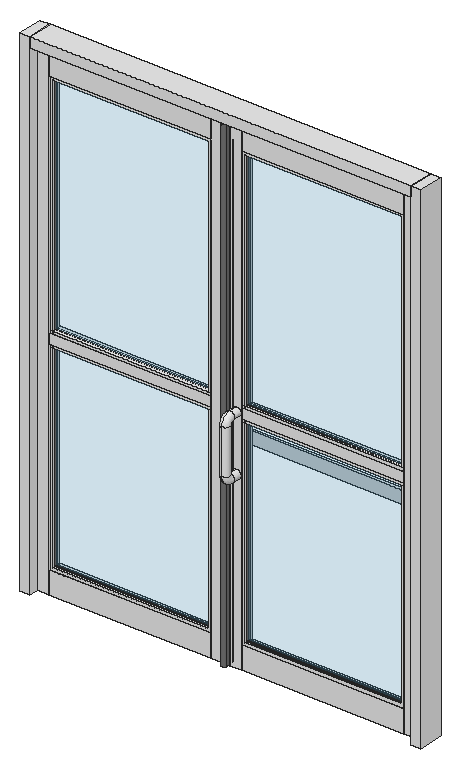
Revit family "Door_Fold_AssaAbloy_ICU-Fold-Single", category Doors, host Wall, Revit 2026
Family settings
  Host = Wall
  Classification Number = 23.30.10.17.17
  Always vertical = Yes
  Cut with Voids When Loaded = No
  Shared = No
  Room Calculation Point = No
Parameters (values of type "68in Opening")
  panelpartialB = (Panel Width - 0' 1 1/4") / 2  # 2' - 9 11/32"
  panelpartialAEqualize = (panelpartialA + 0' 2 1/2") / 2  # 1' - 4 39/64"
  panelpartialA = (Panel Width - 0' 1 1/4") / 2 - 0' 2 5/8"  # 2' - 6 23/32"
  panelA = panelpartialA + 0' 2 1/2"  # 2' - 9 7/32"
  muntinheightcontrol = 3' 5 1/2" - 0' 0 5/16"  # 3' - 5 3/16"
  hingeheightcontrol = Panel Height - 0' 3"  # 7' - 0 3/8"
  handlecl = Handle CL Elevation - 0' 0 5/16"  # 3' - 5 3/16"
  Weatherstripping Color [instance] = Plastic - Besam - Black
  Type Comments = ""
  Stile Width [instance] = if(Medium Stile, 0' 4", 0' 2 1/8")  # 0' - 2 1/8"
  Standards Conformance = "as Specified"
  Sound Transmission Class (STC) = 0
  Show Door Open [instance] = no
  RotatePivot [instance] = if(Show Door Open, 94.00°, 0.00°)  # 0.00°
  RotateHinge [instance] = if(Show Door Open, 178.00°, 0.00°)  # 0.00°
  Rail Height_Base [instance] = 0' - 4"
  RO Offset = 0' - 0 1/4"
  Panel Thickness = 0' - 1 3/4"  # constant formula
  Panel Height = if(1 = 1, Height - 0' 1 3/4" - 0' 0 5/8", 0' 0")  # 7' - 3 3/8"
  Optional Narrow Jamb = no
  Operation = ""
  Narrow Stile = yes
  Muntins [instance] = yes
  Muntin Width [instance] = 0' - 1 3/4"
  Medium Stile = not(Narrow Stile)  # no
  Locate Interior Side of Frame [instance] = 0' - 6 3/4"
  Hardware Finish [instance] = Metal - Aluminum - Besam - Anodized - Clear
  Handle CL Elevation = 3' - 5 1/2"
  Finger Catch Color [instance] = Plastic - Besam - Black
  Glazing Tint [instance] = Glass
  Function = Interior
  Jamb Width = if(Optional Narrow Jamb, 0' 1", 0' 1 3/4")  # 0' - 1 3/4"
  Frame Finish [instance] = Metal - Aluminum - Besam - Anodized - Clear
  Frame Depth = 0' - 4 1/2"
  Door Glazing Option = GlassOptions_VersaMax : Standard Package
  Cost = 0
  Construction Type = ""
  Clear Opening Width = 5' - 2 3/16"
  Clear Opening Height = Height - 0' 2 3/8"  # 7' - 3 3/8"
  Panel Width = Width - 0' 0 3/8" - (Jamb Width * 2)  # 5' - 7 15/16"
  Warranty Duration (Years) = 0
  URL = "http://www.besam-usa.com/en/besam/us/"
  Thickness = 0' - 0"  # constant formula
  Test Data = ""
  Specification = "http://www.arcat.com/sd/clients/besamaut.html?coid=30906"
  SpecWizard = "http://www.arcat.com/specwizard/clients/besamaut.html?coid=30906"
  Send Message = "http://www.arcat.com/users.pl?action=UserEmail&company=Besam%20Entrance%20Solutions&coid=30906&rep=141&fax=704-290-5555&mf="
  Sales Information = "http://www.besam-usa.com/en/besam/us/About-us/Contact-Us/"
  Rough Width = (Width + (RO Offset * 2))  # 6' - 0 5/16"
  Rough Height = (Height + (RO Offset))  # 7' - 6"
  Product Properties = "http://www.besam-usa.com/en/besam/us/Products/"
  Product Data = "http://www.arcat.com/arcatcos/cos30/arc30906.html"
  Manufacturer Website = "http://www.besam-usa.com/en/besam/us/"
  Manufacturer Phone - Toll Free = "877-SPEC-123"
  Manufacturer Fax = "704-290-5555"
  Manufacturer Address = "1900 Airport Rd., Monroe, NC 28110"
  Maintenance Schedule (Months) = 0
  Installation-Fabrication = "http://www.besam-usa.com/en/besam/us/Downloads/"
  Installation Phase = ""
  Green Building-LEED = "http://www.arcat.com/green/clients/leed_data_30906.html"
  Model = "Besam VersaMax 2.0 VMF2-6"
  Manufacturer = "ASSA ABLOY Entrance Systems"
  Keynote = "08000"
  Height = 7' - 5 3/4"
  Wall Closure = By host
  Width = 5' - 11 13/16"
  Fire Rating = "As Specified"
  Expected Lifespan (Years) = 0
  Drawn By = "Sumex Design, Inc. / Robert S. Weygant, CSI, CDT, SCIP"
  Description = "ASSA ABLOY ICU/CCU Single Fold Door  - Besam VersaMax 2.0 VMF2-6 as Specified"
  Copyright = "©Arcat Inc."
  Construction Details = "http://www.arcat.com/details/besamaut/besamaut.html?coid=30906"
  Building Codes = ""
  Breakout Width = 5' - 3 9/16"
  Available Options = ""
  Assembly Code = "B2030110"
Reference planes (in)
  plane 1 "Center (Front/Back)": y = -33.96225
  plane 2 "Center (Left/Right)": x = 64.28704
  plane 3: z = 0
  plane 4 "Right": x = 100.19329
  plane 5 "Left": x = 28.38079
  plane 6 "Closure": y = -35.96225
  plane 7: z = 0
  plane 8 "Top of Frame": z = 89.75
  plane 9 "RO Top": z = 90
  plane 10 "RO Right": x = 100.44329
  plane 11 "RO Left": x = 28.13079
  plane 12: x = 98.44329
  plane 13: x = 30.13079
  plane 14: z = 88
  plane 15: y = -34.64975
  plane 16: y = -34.52475
  plane 17: y = -34.77475
  plane 18: x = 64.28704
  plane 19: z = 87.375
  plane 20: x = 92.31829
  plane 21: x = 32.88079
  plane 22: y = -33.96225
  plane 23: y = -42.96225
  plane 24: y = -36.21225
  plane 25: y = -31.71225
Forms (in)
  Sweep 1, solid, material "Metal - Aluminum - Besam - Anodized - Clear" <- "Frame Finish"
    path origin (0, -33.96225, 0) x (1, 0, 0) y (0, 0, 1)
      loop
        line (28.38079, 0) -> (28.38079, 89.75)
    profile origin (28.38079, -33.96225, 44.875) x (-1, 0, 0) y (0, -1, 0)
      loop
        line (0, -2.25) -> (0, 2.25) -> (-1.75, 2.25) -> (-1.75, -2.25) -> (0, -2.25)
  Sweep 2, solid, material "Metal - Aluminum - Besam - Anodized - Clear" <- "Frame Finish"
    path origin (128.57407, -33.96225, 0) x (-1, 0, 0) y (0, 0, -1)
      loop
        line (-8.36921, 0) -> (-8.36921, -89.75)
    profile origin (136.94329, -33.96225, 44.875) x (-1, 0, 0) y (0, -1, 0)
      loop
        line (36.75, -2.25) -> (38.5, -2.25) -> (38.5, 2.25) -> (36.75, 2.25) -> (36.75, -2.25)
  Sweep 3, solid, material "Metal - Aluminum - Besam - Anodized - Clear" <- "Frame Finish"
    path origin (0, 0, 0) x (1, 0, 0) y (0, 1, 0)
      loop
        line (30.13079, -33.96225) -> (98.44329, -33.96225)
    profile origin (64.28704, -33.96225, 0) x (0, 1, 0) y (0, 0, 1)
      loop
        line (-2.25, 89.75) -> (-2.25, 88) -> (2.25, 88) -> (2.25, 89.75) -> (-2.25, 89.75)
  Extrusion 4, solid, material "Metal - Aluminum - Besam - Anodized - Clear" <- "Frame Finish"
    sketch origin (64.28704, 0, 0) x (0, 1, 0) y (0, 0, 1)
      loop
        line (-32.77475, 87.375) -> (-32.77475, 88) -> (-35.14975, 88) -> (-35.14975, 87.375) -> (-32.77475, 87.375)
    from -34.15625 to 34.15625
  Extrusion 5, solid, material "Plastic - Besam - Black" <- "Weatherstripping Color"
    sketch origin (32.88079, -33.96225, 0) x (1, 0, 0) y (0, 1, 0)
      loop
        line (30.71875, -0.96875) -> (31.09375, -0.96875)
        arc (31.09375, -0.96875) -> (31.84375, -0.21875) -> (31.09375, 0.53125) r 0.75
        line (31.09375, 0.53125) -> (31.09375, 0.96875) -> (30.71875, 0.96875) -> (30.71875, -0.96875)
    from 0.3125 to 87.375
  Extrusion 6, solid, material "Metal - Aluminum - Besam - Anodized - Clear" <- "Frame Finish"
    sketch origin (32.88079, -33.96225, 0) x (1, 0, 0) y (0, 1, 0)
      loop
        arc (31.34375, 0.75) -> (31.6973, 1.60355) -> (30.84375, 1.25) r 0.5
        line (30.84375, 1.25) -> (30.84375, 0) -> (31.34375, 0) -> (31.34375, 0.75)
    from 84.375 <- "hingeheightcontrol" to 87.375 <- "Panel Height"
  Extrusion 7, solid, material "Metal - Aluminum - Besam - Anodized - Clear" <- "Frame Finish"
    sketch origin (64.22454, -32.71225, 0) x (1, 0, 0) y (0, 1, 0)
      loop
        line (0, -0.5) -> (0, -1.25) -> (0.5, -1.25) -> (0.5, 0)
        arc (0.5, 0) -> (-0.35355, 0.35355) -> (0, -0.5) r 0.5
    from 84.375 <- "hingeheightcontrol" to 87.375 <- "Panel Height"
  Extrusion 8, solid, material "Plastic - Besam - Black" <- "Weatherstripping Color"
    sketch origin (64.84954, -33.96225, 0) x (1, 0, 0) y (0, 1, 0)
      loop
        arc (-0.625, -0.75) -> (-0.97855, -1.60355) -> (-0.125, -1.25) r 0.5
        line (-0.125, -1.25) -> (-0.125, -0.875) -> (0, -0.875) -> (0, 0.875) -> (-0.125, 0.875) -> (-0.125, 0) -> (-0.625, 0) -> (-0.625, -0.75)
    from 0.3125 to 87.375 <- "Panel Height"
Lines and regions (in)
  Opening 1
    outline origin (-109.33485, -35.96225, 0) x (1, 0, 0) y (0, 0, 1)
      loop
        line (137.46564, 0) -> (209.77814, 0) -> (209.77814, 90) -> (137.46564, 90) -> (137.46564, 0)
  reference lines
    curve 1: line (32.88079, -33.96225, 0) -> (63.59954, -33.96225, 0)
    curve 2: line (64.84954, -33.96225, 0) -> (98.19329, -33.96225, 0)
    curve 3: line (64.22454, -30.17906, 0) -> (64.22454, -37.67906, 0)
    curve 4: line (62.23652, -32.71225, 0) -> (67.23652, -32.71225, 0)
    curve 5: line (64.22454, -32.71225, 0) -> (71.97454, -32.71225, 0)
    curve 6: line (46.99016, -32.20853, 0) -> (46.99016, -36.20853, 0)
    curve 7: line (81.52141, -32.20853, 0) -> (81.52141, -36.20853, 0)
Text (in)
  text "Exterior" at (48.04558, 2.31104, 0), in view "Plan"
  text "Interior" at (48.04558, -50.14366, 0), in view "Plan"
  text "Exterior" at (0, -17.98638, 123.01588), in view "Right"
  text "Interior" at (0, -64.39139, 123.01588), in view "Right"
  text "Interior" at (0, -52.09468, 121.14095), in view "Left"
  text "Exterior" at (0, 26.35325, 123.00693), in view "Left"
Dimensions and locks (in)
  equal spacing: plane 4 "Right", plane 2 "Center (Left/Right)", plane 5 "Left"
  "Width": plane 5 "Left" to plane 4 "Right"
  "Height": level to plane 8 "Top of Frame"
  "RO Offset": plane 5 "Left" to plane 11 "RO Left"
  "RO Offset": plane 10 "RO Right" to plane 4 "Right"
  "Jamb Width": plane 5 "Left" to plane 13
  "Jamb Width": plane 4 "Right" to plane 12
  locked: plane 14 to plane 8 "Top of Frame" at 1.75
  "RO Offset": plane 8 "Top of Frame" to plane 9 "RO Top"
  equal spacing: plane 16, plane 15, plane 17
  locked: plane 16 to plane 17 at 0.25
  locked: plane 19 to plane 14 at 0.625
  locked: plane 8 "Top of Frame" to Sweep 3 sketch curve at 1.75
  Extrusion 4 sketch curve to Extrusion 4 sketch curve = 0' - 2 3/8"
  equal spacing: plane 13, plane 18, plane 12
  "Clear Opening Width": plane 13 to plane 20
  locked: curve 1 to curve 3 at 0.625
  locked: curve 1 to curve 4 at 1.25
  locked: curve 3 to curve 2 at 0.625
  locked: curve 2 to curve 5 at 1.25
  equal spacing: curve 2, curve 7, curve 2
  locked: plane 13 to plane 21 at 2.75
  equal spacing: plane 24, plane 22, plane 25
  "Frame Depth": plane 24 to plane 25
  locked: plane 23 to plane 6 "Closure" at 7
  "Locate Interior Side of Frame": plane 23 to plane 24
  "panelpartialA": curve 1 to curve 1
  "panelpartialAEqualize": curve 6 to curve 1
  "panelpartialB": curve 2 to curve 2
  "RotatePivot": angle curve 1 to plane 22
  "RotateHinge": angle curve 4 to curve 5
  aligned and locked: host wall to plane 1 "Center (Front/Back)"
  aligned and locked: plane 6 "Closure" to host wall
  aligned and locked: Opening 1 sketch curve to level
  aligned and locked: plane 10 "RO Right" to Opening 1 sketch curve
  aligned and locked: Opening 1 sketch curve to plane 9 "RO Top"
  aligned and locked: plane 11 "RO Left" to Opening 1 sketch curve
  aligned and locked: plane 8 "Top of Frame" to Sweep 1 sketch curve
  aligned and locked: Sweep 1 sketch curve to plane 5 "Left"
  aligned and locked: Sweep 1 sketch curve to plane 13
  aligned and locked: Sweep 2 sketch curve to plane 12
  aligned and locked: plane 12 to Sweep 3 sketch curve
  aligned and locked: plane 13 to Sweep 3 sketch curve
  aligned and locked: plane 8 "Top of Frame" to Sweep 3 sketch curve
  aligned and locked: plane 14 to Extrusion 4 sketch curve
  aligned and locked: plane 19 to Extrusion 4 sketch curve
  aligned and locked: plane 12 to Extrusion 4
  aligned and locked: Extrusion 4 to plane 13
  aligned and locked: Sweep 2 sketch curve to plane 4 "Right"
  aligned and locked: curve 3 to curve 5
  aligned and locked: curve 4 to curve 5
  aligned and locked: plane 21 to curve 1
  aligned and locked: plane 22 to curve 1
  aligned and locked: curve 7 to nested 2
  aligned and locked: curve 6 to nested 1
  aligned and locked: plane 19 to Extrusion 5
  aligned and locked: Sweep 2 sketch curve to plane 25
  aligned and locked: plane 24 to Sweep 2 sketch curve
  aligned and locked: Sweep 1 sketch curve to plane 25
  aligned and locked: plane 24 to Sweep 1 sketch curve
  aligned and locked: plane 24 to Sweep 3 sketch curve
  aligned and locked: Sweep 3 sketch curve to plane 25
  aligned and locked: plane 2 "Center (Left/Right)" to nested 3
  aligned and locked: nested 3 to plane 22
  aligned and locked: nested 4 to curve 7
  aligned and locked: nested 5 to curve 6
  aligned and locked: nested 5 to curve 1
  aligned and locked: nested 4 to curve 2
Automatic sketch dimensions
  Sweep 1 sketch curve to profile plane = 0' - 0"
  curve 2 to curve 7 = 0' - 2.24629"
  curve 7 to curve 2 = 0' - 1.75371"
  curve 4 to curve 1 = 0' - 1.36302"
  curve 1 to curve 4 = 0' - 3.63698"
  curve 1 to curve 6 = 0' - 2.24629"
  curve 3 to curve 1 = 0' - 3.71682"
  curve 6 to curve 1 = 0' - 1.75371"
  curve 1 to curve 3 = 0' - 3.78318"
  Extrusion 5 sketch curve to curve 1 = 0' - 0"
  Extrusion 5 sketch curve to curve 1 = 0' - 0 31/32"
  curve 1 to Extrusion 5 sketch curve = 0' - 0 31/32"
  curve 1 to Extrusion 5 sketch curve = 0' - 0 3/8"
  curve 1 to Extrusion 5 sketch curve = 0' - 0 7/32"
  curve 1 to Extrusion 6 sketch curve = 0' - 0"
  curve 1 to Extrusion 6 sketch curve = 0' - 0 1/8"
  Extrusion 6 sketch curve to Extrusion 6 sketch curve = 0' - 0 1/2"  (x2)
  curve 1 to Extrusion 6 sketch curve = 0' - 1 1/4"
  Extrusion 7 sketch curve to curve 5 = 0' - 0"  (x3)
  Extrusion 7 sketch curve to curve 5 = 0' - 1 1/4"
  Extrusion 7 sketch curve to curve 5 = 0' - 0 1/2"
  Extrusion 8 sketch curve to curve 2 = 0' - 0"  (x2)
  Extrusion 8 sketch curve to curve 2 = 0' - 0 7/8"
  curve 2 to Extrusion 8 sketch curve = 0' - 0 7/8"
  Extrusion 8 sketch curve to curve 2 = 0' - 0 1/8"  (x2)
  Extrusion 8 sketch curve to Extrusion 8 sketch curve = 0' - 0 1/2"
  Extrusion 8 sketch curve to Extrusion 8 sketch curve = 0' - 0"
  Extrusion 8 sketch curve to curve 2 = 0' - 1 1/4"
  Sweep 1 sketch curve to level = 0' - 0"
  Sweep 2 sketch curve to plane 8 "Top of Frame" = 0' - 0"
  Sweep 2 sketch curve to level = 0' - 0"
  plane 10 "RO Right" to Sweep 2 sketch curve = 3' - 0 1/2"
  plane 1 "Center (Front/Back)" to Sweep 3 sketch curve = 0' - 0"
Nested families (in)
  nested 1: "Panel_VersaMaxFold" at (46.99016, -33.96225, 0.3125), Width <- "panelA", Height <- "Panel Height", Hardware Finish <- "Hardware Finish", Frame Material <- "Frame Finish", other material <- "Weatherstripping Color", Muntin <- "Muntins", type "No Hardware"
    with slide2 yes, slide no, sealsB yes, sealsA no, other material Plastic - Besam - Black, handle height 3' - 5 1/2", Width 2' - 9 7/32", Thickness 0' - 1 3/4", Muntin yes, Include Interior Blinds yes, Height 7' - 3 3/8", Hardware Finish Metal - Aluminum - Besam - Anodized - Clear, Glazing yes, Glass Type none, Glass Thickness 0' - 1", Full Breakout no, Frame Material Metal - Aluminum - Besam - Anodized - Clear, Blinds Finish none
  nested 2: "Panel_VersaMaxFold" at (81.52141, -33.96225, 0.3125) x (-1, 0, 0) z (0, 0, 1), Hardware Finish <- "Hardware Finish", Glass Type <- "Glazing Tint", Frame Material <- "Frame Finish", other material <- "Weatherstripping Color", Muntin <- "Muntins", Width <- "panelpartialB", Height <- "Panel Height", handle height <- "handlecl", type "Pushbar and C Handle"
    with slide2 no, slide yes, sealsB yes, sealsA no, other material Plastic - Besam - Black, handle height 3' - 5 3/16", Width 2' - 9 11/32", Thickness 0' - 1 3/4", Muntin yes, Include Interior Blinds yes, Height 7' - 3 3/8", Hardware Finish Metal - Aluminum - Besam - Anodized - Clear, Glazing yes, Glass Type Glass, Glass Thickness 0' - 1", Full Breakout no, Frame Material Metal - Aluminum - Besam - Anodized - Clear, Blinds Finish none
  nested 3: "FoldTemplate_VersaMax" at (64.28704, -33.96225, 0), width <- "Width", clear opening width <- "Clear Opening Width", jamb width <- "Jamb Width", type "FoldTemplate_VersaMax"
    with width 5' - 11 13/16", rotatepivot 93.00°, rotatehinge 178.00°, partialacenter 1' - 4 39/64", panel width partial b 2' - 9 11/32", panel width partial 2' - 6 23/32", panel width 5' - 7 15/16", jamb width 0' - 1 3/4", clear opening width 5' - 2 3/16"
  nested 4: "GlassOptions_VersaMax" at (81.52141, -33.96225, 0.3125), Glass Type <- "Glazing Tint", Frame Material <- "Frame Finish", Weatherstripping Color <- "Weatherstripping Color", Muntin <- "Muntins", Width <- "panelpartialB", Stile Width <- "Stile Width", Rail Width_Base <- "Rail Height_Base", Muntin Width <- "Muntin Width", Height <- "Panel Height", controlmuntinheight <- "muntinheightcontrol", type <- "Door Glazing Option", type "Standard Package"
    with controlmuntinheight 3' - 5 3/16", Width 2' - 9 11/32", Weatherstripping Color Plastic - Besam - Black, Thickness 0' - 1 3/4", Stile Width 0' - 2 1/8", Rail Width_Top 0' - 4", Rail Width_Base 0' - 4", Muntin_100Insul no, Muntin_0625Insul no, Muntin_025Standard yes, Muntin_025Sloped no, Muntin Width 0' - 1 3/4", Muntin yes, Height 7' - 3 3/8", Glass Type Glass, Frame Material Metal - Aluminum - Besam - Anodized - Clear
  nested 5: "GlassOptions_VersaMax" at (46.99016, -33.96225, 0.3125), Muntin <- "Muntins", Glass Type <- "Glazing Tint", Frame Material <- "Frame Finish", Weatherstripping Color <- "Weatherstripping Color", Width <- "panelA", Stile Width <- "Stile Width", Rail Width_Base <- "Rail Height_Base", Muntin Width <- "Muntin Width", Height <- "Panel Height", controlmuntinheight <- "muntinheightcontrol", type <- "Door Glazing Option", type "Standard Package"
    with controlmuntinheight 3' - 5 3/16", Width 2' - 9 7/32", Weatherstripping Color Plastic - Besam - Black, Thickness 0' - 1 3/4", Stile Width 0' - 2 1/8", Rail Width_Top 0' - 4", Rail Width_Base 0' - 4", Muntin_100Insul no, Muntin_0625Insul no, Muntin_025Standard yes, Muntin_025Sloped no, Muntin Width 0' - 1 3/4", Muntin yes, Height 7' - 3 3/8", Glass Type Glass, Frame Material Metal - Aluminum - Besam - Anodized - Clear
Definition of nested family "Panel_VersaMaxFold"
  Parameters (values of type "Pushbar and C Handle")
    slide2 [instance] = yes
    slide [instance] = yes
    sealsB [instance] = yes
    sealsA [instance] = yes
    other material [instance] = none
    handle height [instance] = 3' - 5 1/2"
    Width [instance] = 3' - 0"
    Thickness [instance] = 0' - 1 3/4"
    Stile Width = 0' - 2 1/8"
    Standard Handle = no
    Smoke Handle = no
    Rail Width_Top = 0' - 4"
    Rail Width_Base = 0' - 4"
    Pushbar = yes
    Muntin [instance] = yes
    Include Interior Blinds [instance] = yes
    Height [instance] = 7' - 0"
    Hardware Finish [instance] = none
    Glazing [instance] = yes
    Glass Type [instance] = none
    Glass Thickness [instance] = 0' - 1"
    Full Breakout [instance] = no
    Frame Material [instance] = none
    Default Elevation = 4' - 0"
    Blinds Finish [instance] = none
    Assembly Code = ""
    Analytic Construction = "<None>"
  Types (5): name | Standard Handle | Smoke Handle | Pushbar
    (no name) | no | no | yes
    Positive Latch | no | yes | no
    Double Offset Pull | yes | no | no
    Pushbar and C Handle | no | no | yes
    No Hardware | no | no | no
  Reference planes (in)
    plane 1 "Center (Front/Back)": y = 0
    plane 2: z = 0
    plane 3 "Center (Left/Right)": x = 0
    plane 4: x = -18
    plane 5: x = 18
    plane 6 "Frame_Ext": y = 0.875
    plane 7 "Frame_Int": y = -0.875
    plane 8: z = 84
    plane 9: x = -15.875
    plane 10: z = 80
    plane 11: x = 15.875
    plane 12: z = 4
    plane 13 "Glass_Ext": y = 0.5
    plane 14 "Glass_Int": y = -0.5
    plane 15: z = 41.5
    plane 16: x = -18
    plane 17: x = 16.75
    plane 18: z = 42
    plane 19: z = 4.5
    plane 20: z = 79.5
  Forms (in)
    Extrusion 1, solid, material <- "Frame Material"
      sketch origin (0, 0, 0) x (1, 0, 0) y (0, 1, 0)
        loop
          line (-18, 0.875) -> (-18, -0.875) -> (-15.875, -0.875) -> (-15.875, 0.875) -> (-18, 0.875)
      from 0 to 84
    Extrusion 2, solid, material <- "Frame Material"
      sketch origin (0, 0, 0) x (1, 0, 0) y (0, 1, 0)
        loop
          line (15.875, 0.875) -> (15.875, -0.875) -> (18, -0.875) -> (18, 0.875) -> (15.875, 0.875)
      from 0 to 84
    Extrusion 3, solid, material <- "Frame Material"
      sketch origin (-30.93404, 0.875, 48) x (-1, 0, 0) y (0, 0, 1)
        loop
          line (-15.05904, -44) -> (-46.80904, -44) -> (-46.80904, -48) -> (-15.05904, -48) -> (-15.05904, -44)
      from 0 to -1.75
    Extrusion 4, solid, material <- "Frame Material"
      sketch origin (-30.93404, 0.875, 48) x (-1, 0, 0) y (0, 0, 1)
        loop
          line (-15.05904, 36) -> (-46.80904, 36) -> (-46.80904, 32) -> (-15.05904, 32) -> (-15.05904, 36)
      from 0 to -1.75
    Extrusion 5, solid, material <- "other material", visible <- "sealsB"
      sketch origin (0, 0, 0) x (1, 0, 0) y (0, 1, 0)
        loop
          line (-18, 0.625) -> (-18.25, 0.625) -> (-18.25, 0.25) -> (-18, 0.25) -> (-18, 0.625)
        loop
          line (-18, -0.625) -> (-18, -0.25) -> (-18.25, -0.25) -> (-18.25, -0.625) -> (-18, -0.625)
      from 0 to 84
    Extrusion 6, solid, material <- "other material", visible <- "sealsA"
      sketch origin (0, 0, 0) x (-1, 0, 0) y (0, -1, 0)
        loop
          line (-18, -0.625) -> (-18, -0.25) -> (-18.25, -0.25) -> (-18.25, -0.625) -> (-18, -0.625)
        loop
          line (-18, 0.625) -> (-18.25, 0.625) -> (-18.25, 0.25) -> (-18, 0.25) -> (-18, 0.625)
      from 0 to 84
  Cuts and joins
    joined: Extrusion 3, Extrusion 4
  Lines and regions (in)
    model lines, visible <- "slide2"
      curve 1: line (18, -0.875, 84) -> (-18, -0.875, 42)
      curve 2: line (18, -0.875, 0) -> (-18, -0.875, 42)
      curve 3: line (18, 0.875, 84) -> (-18, 0.875, 42)
      curve 4: line (18, 0.875, 0) -> (-18, 0.875, 42)
    model lines, visible <- "slide"
      curve 5: line (-18, -0.875, 84) -> (18, -0.875, 42)
      curve 6: line (-18, -0.875, 0) -> (18, -0.875, 42)
      curve 7: line (-18, 0.875, 84) -> (18, 0.875, 42)
      curve 8: line (-18, 0.875, 0) -> (18, 0.875, 42)
  Dimensions and locks (in)
    equal spacing: plane 7 "Frame_Int", plane 1 "Center (Front/Back)", plane 6 "Frame_Ext"
    "Thickness": plane 6 "Frame_Ext" to plane 7 "Frame_Int"
    equal spacing: plane 4, plane 3 "Center (Left/Right)", plane 5
    "Width": plane 4 to plane 5
    "Height": plane 8 to level
    "Rail Width_Top": plane 8 to plane 10
    "Stile Width": plane 9 to plane 4
    "Stile Width": plane 5 to plane 11
    "Rail Width_Base": plane 12 to level
    equal spacing: plane 14 "Glass_Int", plane 1 "Center (Front/Back)", plane 13 "Glass_Ext"
    "Glass Thickness": plane 14 "Glass_Int" to plane 13 "Glass_Ext"
    "handle height": plane 15 to level
    locked: plane 17 to plane 5 at 1.25
    equal spacing: plane 8, plane 18, level
    locked: plane 19 to plane 12 at 0.5
    locked: plane 10 to plane 20 at 0.5
    plane 6 "Frame_Ext" to Extrusion 5 sketch curve to Extrusion 5 sketch curve = 0' - 0 1/4" locked, 0' - 0 3/8" locked
    Extrusion 5 sketch curve to Extrusion 5 sketch curve to plane 7 "Frame_Int" = 0' - 0 3/8" locked, 0' - 0 1/4" locked
    locked: Extrusion 6 sketch curve to Extrusion 6 sketch curve at 0.375  (x2)
    locked: plane 6 "Frame_Ext" to Extrusion 6 sketch curve at 0.25
    locked: Extrusion 6 sketch curve to plane 7 "Frame_Int" at 0.25
    aligned and locked: plane 8 to Extrusion 2
    aligned and locked: plane 8 to Extrusion 1
    aligned and locked: Extrusion 4 to plane 7 "Frame_Int"
    aligned and locked: Extrusion 3 to plane 7 "Frame_Int"
    aligned and locked: plane 5 to curve 1
    aligned and locked: plane 5 to curve 3
    aligned and locked: plane 4 to plane 16
    aligned and locked: nested 1 to plane 15
    aligned and locked: nested 1 to plane 17
    aligned and locked: plane 8 to Extrusion 5
    aligned and locked: plane 8 to Extrusion 6
  Automatic sketch dimensions
    Extrusion 1 sketch curve to plane 4 = 0' - 0"
    Extrusion 1 sketch curve to plane 7 "Frame_Int" = 0' - 0"
    Extrusion 1 sketch curve to plane 9 = 0' - 0"
    Extrusion 1 sketch curve to plane 6 "Frame_Ext" = 0' - 0"
    Extrusion 2 sketch curve to plane 7 "Frame_Int" = 0' - 0"
    Extrusion 2 sketch curve to plane 11 = 0' - 0"
    Extrusion 2 sketch curve to plane 5 = 0' - 0"
    Extrusion 2 sketch curve to plane 6 "Frame_Ext" = 0' - 0"
    Extrusion 3 sketch curve to plane 11 = 0' - 0"
    Extrusion 3 sketch curve to level = 0' - 0"
    Extrusion 3 sketch curve to plane 9 = 0' - 0"
    Extrusion 3 sketch curve to plane 12 = 0' - 0"
    Extrusion 4 sketch curve to plane 8 = 0' - 0"
    Extrusion 4 sketch curve to plane 11 = 0' - 0"
    Extrusion 4 sketch curve to plane 9 = 0' - 0"
    Extrusion 4 sketch curve to plane 10 = 0' - 0"
    curve 6 to plane 5 = 0' - 0"
    curve 2 to level = 0' - 0"
    curve 2 to plane 5 = 0' - 0"
    curve 5 to plane 4 = 0' - 0"
    curve 6 to level = 0' - 0"
    curve 6 to plane 4 = 0' - 0"
    curve 2 to plane 4 = 0' - 0"
    curve 2 to plane 18 = 0' - 0"
    curve 5 to plane 18 = 0' - 0"
    curve 5 to plane 8 = 0' - 0"
    curve 1 to plane 8 = 0' - 0"
    curve 8 to plane 5 = 0' - 0"
    curve 4 to level = 0' - 0"
    curve 4 to plane 5 = 0' - 0"
    curve 7 to plane 4 = 0' - 0"
    curve 8 to level = 0' - 0"
    curve 8 to plane 4 = 0' - 0"
    curve 4 to plane 4 = 0' - 0"
    curve 4 to plane 18 = 0' - 0"
    curve 7 to plane 18 = 0' - 0"
    curve 7 to plane 8 = 0' - 0"
    curve 3 to plane 8 = 0' - 0"
    Extrusion 5 sketch curve to plane 4 = 0' - 0"  (x2)
    Extrusion 5 sketch curve to plane 4 = 0' - 0 1/4"  (x2)
    Extrusion 6 sketch curve to plane 5 = 0' - 0"  (x2)
    Extrusion 6 sketch curve to plane 5 = 0' - 0 1/4"  (x2)
  Nested families (in)
    nested 1: "Handle_Smoke" at (16.75, 0, 41.5), Material <- "Hardware Finish", Standard <- "Standard Handle", Smoke <- "Smoke Handle", Other Material <- "other material", stile width <- "Stile Width", Swing <- "Pushbar", type "Handle_Smoke"
      with stile width 0' - 2 1/8", Swing yes, Standard no, Smoke no, Other Material none, Material none
  Definition of nested family "Handle_Smoke"
    Parameters (values of type "Handle_Smoke")
      stile width [instance] = 0' - 2 1/8"
      Width = 3' - 0"
      Thickness = 0' - 1 3/4"  # constant formula
      Swing [instance] = yes
      Standard [instance] = yes
      Smoke [instance] = yes
      Other Material [instance] = none
      Material [instance] = none
      Height = 7' - 0"
      Analytic Construction = "<None>"
    Reference planes (in)
      plane 1 "Center (Front/Back)": y = 0
      plane 2: z = 0
      plane 3 "Center (Left/Right)": x = 0
      plane 4: y = 0.875
      plane 5: y = -0.875
      plane 6 "Bottom": z = -10
      plane 7: x = -1.0625
      plane 8: x = 1.0625
      plane 9: x = -34.9375
      plane 10: x = -33.90452
    Forms (in)
      Extrusion 1, solid, material <- "Material", visible <- "Smoke"
        sketch origin (0, 0, 0) x (1, 0, 0) y (0, 0, 1)
          loop
            line (-0.90703, 3.02535) -> (-0.90703, -2.72465) -> (0.84297, -2.72465) -> (0.84297, 3.02535) -> (-0.90703, 3.02535)
        from 0.9375 to 1.93903
      Extrusion 2, solid, material <- "Material", visible <- "Smoke"
        sketch origin (0, 0, 0) x (1, 0, 0) y (0, 1, 0)
          loop
            line (-0.7878, 0.87964) -> (0.7878, 0.87964) -> (0.49627, 3.25394)
            arc (0.49627, 3.25394) -> (0, 3.69301) -> (-0.49627, 3.25394) r 0.5
            line (-0.49627, 3.25394) -> (-0.7878, 0.87964)
        from -1.4664 to 2.13429
      Extrusion 3, solid, material <- "Material", visible <- "Smoke"
        sketch origin (0, 0, 0) x (1, 0, 0) y (0, 1, 0)
          loop
            arc (0.45797, 3.49985) -> (0.36249, 3.72809) -> (0.14491, 3.84586) r 0.37174
            arc (0.14491, 3.84586) -> (-1.62427, 3.94738) -> (-3.37858, 3.69694) r 8.91442
            arc (-3.37858, 3.69694) -> (-3.9818, 3.74045) -> (-4.56072, 3.56546) r 1.66364
            arc (-4.56072, 3.56546) -> (-3.95372, 3.35337) -> (-3.34671, 3.56546) r 0.97468
            arc (-3.34671, 3.56546) -> (-2.09205, 3.61496) -> (-0.83642, 3.61201) r 30.04663
            arc (-0.83642, 3.61201) -> (-0.62121, 3.525) -> (-0.51719, 3.31747) r 0.32863
            line (-0.51719, 3.31747) -> (-0.43625, 2.74702) -> (0.5206, 3.18307) -> (0.45797, 3.49985)
        from -0.90405 to 1.79986
      Extrusion 4, solid, material <- "Material", visible <- "Smoke"
        sketch origin (-0.00062, -0.00547, 0) x (1, 0, 0) y (0, 1, 0)
          loop
            line (-0.40625, -1.93903) -> (-0.40625, -3.26642)
            arc (-0.40625, -3.26642) -> (-0.70234, -3.58671) -> (-1.13067, -3.66906) r 0.69889
            arc (-1.13067, -3.66906) -> (-3.256, -2.93101) -> (-4.90544, -1.40095) r 5.47815
            line (-4.90544, -1.40095) -> (-5.03546, -1.49704)
            arc (-5.03546, -1.49704) -> (-3.01773, -3.49925) -> (-0.27213, -4.23529) r 5.53254
            arc (-0.27213, -4.23529) -> (0.19259, -4.04366) -> (0.3852, -3.57935) r 0.65594
            line (0.3852, -3.57935) -> (0.3852, -1.93903) -> (-0.40625, -1.93903)
        from -2.33004 to -1.4664
      Sweep 5, solid, material <- "Material", visible <- "Standard"
        path origin (0, 0, 0) x (0, 1, 0) y (0, 0, 1)
          loop
            line (-0.875, 0) -> (-2.375, 0)
            arc (-2.375, 0) -> (-3.08211, -0.29289) -> (-3.375, -1) r 1
            line (-3.375, -1) -> (-3.375, -9)
            arc (-3.375, -9) -> (-3.08211, -9.70711) -> (-2.375, -10) r 1
            line (-2.375, -10) -> (-0.875, -10)
        profile origin (0, -1.625, 0) x (0, 0, -1) y (1, 0, 0)
          loop
            circle (0, 0) r 0.75
      Sweep 6, solid, material <- "Material", visible <- "Standard"
        path origin (0, 0, 0) x (0, -1, 0) y (0, 0, 1)
          loop
            line (-0.875, 0) -> (-2.375, 0)
            arc (-2.375, 0) -> (-3.08211, -0.29289) -> (-3.375, -1) r 1
            line (-3.375, -1) -> (-3.375, -9)
            arc (-3.375, -9) -> (-3.08211, -9.70711) -> (-2.375, -10) r 1
            line (-2.375, -10) -> (-0.875, -10)
        profile origin (0, 1.625, 0) x (0, 0, 1) y (1, 0, 0)
          loop
            circle (0, 0) r 0.75
      Sweep 7, solid, material <- "Material", visible <- "Swing"
        path origin (0, 0, 0) x (0, 1, 0) y (0, 0, 1)
          loop
            line (-0.875, 0) -> (-2.375, 0)
            arc (-2.375, 0) -> (-3.08211, -0.29289) -> (-3.375, -1) r 1
            line (-3.375, -1) -> (-3.375, -9)
            arc (-3.375, -9) -> (-3.08211, -9.70711) -> (-2.375, -10) r 1
            line (-2.375, -10) -> (-0.875, -10)
        profile origin (0, -1.625, 0) x (0, 0, -1) y (1, 0, 0)
          loop
            circle (0, 0) r 0.75
      Extrusion 8, solid, material <- "Other Material", visible <- "Swing"
        sketch origin (0, 0, 0) x (1, 0, 0) y (0, 1, 0)
          loop
            line (-0.0625, 0.875) -> (0.75, 0.875)
            arc (0.75, 0.875) -> (0.46537, 1.34561) -> (-0.0625, 1.5) r 0.7582
            line (-0.0625, 1.5) -> (-0.0625, 0.875)
          loop
            line (-33.90452, 0.875) -> (-33.90452, 1.5)
            arc (-33.90452, 1.5) -> (-34.43239, 1.34561) -> (-34.71702, 0.875) r 0.7582
            line (-34.71702, 0.875) -> (-33.90452, 0.875)
        from -5.70751 to -3.46003
      Extrusion 9, solid, material <- "Material", visible <- "Swing"
        sketch origin (0, 0, 0) x (1, 0, 0) y (0, 1, 0)
          loop
            line (0, 1.44579) -> (-33.90452, 1.44579) -> (-33.90452, 0.95649) -> (0, 0.95649) -> (0, 1.44579)
        from -5.70751 to -3.46003
    Cuts and joins
      joined: Extrusion 2, Extrusion 3
    Dimensions and locks (in)
      equal spacing: plane 5, plane 1 "Center (Front/Back)", plane 4
      "Thickness": plane 4 to plane 5
      equal spacing: plane 7, plane 3 "Center (Left/Right)", plane 8
      "stile width": plane 7 to plane 8
      "Width": plane 9 to plane 8
      Extrusion 8 sketch curve to Extrusion 8 sketch curve to plane 8 = 0' - 0 13/16" locked, 0' - 0 5/16" locked
      plane 9 to Extrusion 8 sketch curve to Extrusion 8 sketch curve = 0' - 0.22048" locked, 0' - 0 13/16" locked
      locked: plane 9 to plane 10 at 1.03298
      aligned and locked: plane 3 "Center (Left/Right)" to Extrusion 9
      aligned and locked: plane 10 to Extrusion 9
    Automatic sketch dimensions
      plane 3 "Center (Left/Right)" to Extrusion 1 sketch curve = 0' - 0.84297"
      Extrusion 1 sketch curve to level = 0' - 2.72465"
      level to Extrusion 1 sketch curve = 0' - 3.02535"
      Extrusion 2 sketch curve to plane 3 "Center (Left/Right)" = 0' - 0"
      Extrusion 2 sketch curve to plane 3 "Center (Left/Right)" = 0' - 0.49627"
      plane 4 to Extrusion 2 sketch curve = 0' - 0.00464"
      plane 3 "Center (Left/Right)" to Extrusion 2 sketch curve = 0' - 0.49627"
      plane 3 "Center (Left/Right)" to Extrusion 2 sketch curve = 0' - 0.7878"
      plane 4 to Extrusion 2 sketch curve = 0' - 2.31801"
      Extrusion 2 sketch curve to Extrusion 2 sketch curve = 0' - 0.06093"
      plane 4 to Extrusion 3 sketch curve = 0' - 1.21201"
      Extrusion 3 sketch curve to Extrusion 3 sketch curve = 0' - 0.15582"
      Extrusion 3 sketch curve to Extrusion 3 sketch curve = 0' - 0.32687"
      Extrusion 3 sketch curve to plane 3 "Center (Left/Right)" = 0' - 0.43625"
      plane 3 "Center (Left/Right)" to Extrusion 3 sketch curve = 0' - 0.08683"
      Extrusion 3 sketch curve to Extrusion 3 sketch curve = 0' - 0.37114"
      Extrusion 3 sketch curve to Extrusion 3 sketch curve = 0' - 0.06263"
      Extrusion 3 sketch curve to plane 5 = 0' - 4.08409"
      Extrusion 3 sketch curve to Extrusion 3 sketch curve = 1' - 9.46741"
      plane 4 to Extrusion 3 sketch curve = 0' - 1.87202"
      Extrusion 3 sketch curve to Extrusion 3 sketch curve = 0' - 0.43606"
      Extrusion 3 sketch curve to Extrusion 3 sketch curve = 0' - 0.53645"
      Extrusion 3 sketch curve to Extrusion 3 sketch curve = 0' - 0.03401"
      Extrusion 3 sketch curve to Extrusion 3 sketch curve = 0' - 0.29561"
      Extrusion 3 sketch curve to Extrusion 3 sketch curve = 0' - 0.31677"
      Extrusion 3 sketch curve to Extrusion 3 sketch curve = 0' - 2.24105"
      Extrusion 3 sketch curve to Extrusion 3 sketch curve = 0' - 0.607"
      Extrusion 3 sketch curve to Extrusion 3 sketch curve = 0' - 0.57514"
      Extrusion 3 sketch curve to Extrusion 3 sketch curve = 0' - 0.03187"
      Extrusion 3 sketch curve to Extrusion 3 sketch curve = 0' - 0"
      Extrusion 4 sketch curve to plane 5 = 0' - 0.62751"
      Extrusion 4 sketch curve to plane 5 = 0' - 0.53142"
      Extrusion 4 sketch curve to Extrusion 4 sketch curve = 0' - 0.13002"
      Extrusion 4 sketch curve to plane 3 "Center (Left/Right)" = 0' - 0.43517"
      Extrusion 4 sketch curve to plane 3 "Center (Left/Right)" = 0' - 0.40687"
      Extrusion 4 sketch curve to plane 3 "Center (Left/Right)" = 0' - 0.27136"
      Extrusion 4 sketch curve to plane 3 "Center (Left/Right)" = 0' - 0.26104"
      plane 3 "Center (Left/Right)" to Extrusion 4 sketch curve = 0' - 0.38458"
      Extrusion 4 sketch curve to plane 5 = 0' - 1.0695"
      Extrusion 4 sketch curve to Extrusion 4 sketch curve = 0' - 1.03681"
      Extrusion 4 sketch curve to Extrusion 4 sketch curve = 0' - 0.29059"
      Extrusion 4 sketch curve to Extrusion 4 sketch curve = 0' - 0.31293"
      plane 4 to Extrusion 4 sketch curve = 0' - 0.41676"
      Extrusion 4 sketch curve to Extrusion 4 sketch curve = 0' - 0.46745"
      Sweep 5 sketch curve to plane 6 "Bottom" = 0' - 0"
      Sweep 5 sketch curve to level = 0' - 0"
      Sweep 5 sketch curve to plane 5 = 0' - 0"  (x2)
      Sweep 5 sketch curve to plane 5 = 0' - 1 1/2"
      Sweep 5 sketch curve to Sweep 5 sketch curve = 0' - 1 1/2"
      plane 6 "Bottom" to Sweep 5 sketch curve = 0' - 1"
      Sweep 5 sketch curve to plane 3 "Center (Left/Right)" = 0' - 0"
      Sweep 5 sketch curve to profile plane = 0' - 0"
      Sweep 6 sketch curve to plane 6 "Bottom" = 0' - 0"
      Sweep 6 sketch curve to level = 0' - 0"
      Sweep 6 sketch curve to plane 4 = 0' - 0"  (x2)
      Sweep 6 sketch curve to plane 4 = 0' - 1 1/2"
      Sweep 6 sketch curve to Sweep 6 sketch curve = 0' - 1 1/2"
      Sweep 6 sketch curve to plane 6 "Bottom" = 0' - 1"
      Sweep 6 sketch curve to plane 3 "Center (Left/Right)" = 0' - 0"
      Sweep 6 sketch curve to profile plane = 0' - 0"
      Sweep 7 sketch curve to plane 6 "Bottom" = 0' - 0"
      Sweep 7 sketch curve to level = 0' - 0"
      Sweep 7 sketch curve to plane 5 = 0' - 0"  (x2)
      Sweep 7 sketch curve to plane 5 = 0' - 1 1/2"
      Sweep 7 sketch curve to Sweep 7 sketch curve = 0' - 1 1/2"
      plane 6 "Bottom" to Sweep 7 sketch curve = 0' - 1"
      Sweep 7 sketch curve to plane 3 "Center (Left/Right)" = 0' - 0"
      Sweep 7 sketch curve to profile plane = 0' - 0"
      Extrusion 1 sketch curve to plane 3 "Center (Left/Right)" = 0' - 0.90703"
      Extrusion 2 sketch curve to plane 3 "Center (Left/Right)" = 0' - 0.7878"
      Extrusion 3 sketch curve to plane 3 "Center (Left/Right)" = 0' - 0.51719"
      Extrusion 3 sketch curve to plane 3 "Center (Left/Right)" = 0' - 1.24784"
      Extrusion 3 sketch curve to plane 3 "Center (Left/Right)" = 0' - 1.53494"
      Extrusion 4 sketch curve to Extrusion 4 sketch curve = 0' - 0.63561"
      Extrusion 3 sketch curve to Extrusion 3 sketch curve = 0' - 2.95384"
      Extrusion 4 sketch curve to Extrusion 4 sketch curve = 0' - 3.86358"
      plane 3 "Center (Left/Right)" to Extrusion 9 sketch curve = 0' - 0"
      plane 4 to Extrusion 9 sketch curve = 0' - 0.08149"
      Extrusion 9 sketch curve to Extrusion 9 sketch curve = 0' - 0.48929"
      Extrusion 9 sketch curve to plane 8 = 2' - 10.96702"
      Extrusion 8 sketch curve to plane 4 = 0' - 0"  (x2)
      Extrusion 8 sketch curve to plane 4 = 0' - 0.13036"  (x2)
      plane 4 to Extrusion 8 sketch curve = 0' - 0 5/8"
      plane 3 "Center (Left/Right)" to Extrusion 8 sketch curve = 0' - 0.00309"
      radius of Sweep 5 sketch curve = 0' - 0 3/4"
      radius of Sweep 6 sketch curve = 0' - 0 3/4"
      radius of Sweep 7 sketch curve = 0' - 0 3/4"
Definition of nested family "GlassOptions_VersaMax"
  Parameters (values of type "Insulated Package 1.0''")
    controlmuntinheight [instance] = 3' - 5 1/2"
    Width [instance] = 3' - 0"
    Weatherstripping Color [instance] = none
    Thickness [instance] = 0' - 1 3/4"
    Stile Width [instance] = 0' - 2 1/8"
    Rail Width_Top [instance] = 0' - 4"
    Rail Width_Base [instance] = 0' - 4"
    Muntin_100Insul [instance] = and(Muntin, [100 Glass Insulated])  # yes
    Muntin_0625Insul [instance] = and(Muntin, [0625 Glass Insulated])  # no
    Muntin_025Standard [instance] = and(Muntin, [025 Glass Standard])  # no
    Muntin_025Sloped [instance] = and(Muntin, [025 Glass Cleanroom Sloped])  # no
    Muntin Width [instance] = 0' - 1 3/4"
    Muntin [instance] = yes
    Height [instance] = 7' - 0"
    Glass Type [instance] = none
    Frame Material [instance] = none
    Default Elevation = 4' - 0"
    Assembly Code = ""
    Analytic Construction = "<None>"
    100 Glass Insulated = yes
    0625 Glass Insulated = no
    025 Glass Standard = no
    025 Glass Cleanroom Sloped = no
    025 Glass = or([025 Glass Standard], [025 Glass Cleanroom Sloped])  # no
  Types (5): name | Muntin_100Insul | Muntin_0625Insul | Muntin_025Standard | Muntin_025Sloped | 100 Glass Insulated | 0625 Glass Insulated | 025 Glass Standard | 025 Glass Cleanroom Sloped | 025 Glass
    (no name) | yes | no | no | no | yes | no | no | no | no
    Standard Package | no | no | yes | no | no | no | yes | no | yes
    Cleanroom Package | no | no | no | yes | no | no | no | yes | yes
    Insulated Package 0.625'' | no | yes | no | no | no | yes | no | no | no
    Insulated Package 1.0'' | yes | no | no | no | yes | no | no | no | no
  Reference planes (in)
    plane 1 "Center (Front/Back)": y = 0
    plane 2: z = 0
    plane 3 "Center (Left/Right)": x = 0
    plane 4: x = -18
    plane 5: x = 18
    plane 6 "Frame_Ext": y = 0.875
    plane 7 "Frame_Int": y = -0.875
    plane 8: z = 84
    plane 9: x = -15.875
    plane 10: z = 80
    plane 11: x = 15.875
    plane 12: z = 4
    plane 13 "Glass_Ext": y = 0.125
    plane 14 "Glass_Int": y = -0.125
    plane 15: z = 41.5
    plane 16: z = 42
    plane 17: z = 4.5
    plane 18: z = 79.5
    plane 19: z = 42.375
    plane 20: z = 40.625
  Forms (in)
    Sweep 1, solid, material <- "Frame Material", visible <- "025 Glass Standard"
      path origin (0, 0, 0) x (1, 0, 0) y (0, 0, 1)
        loop
          line (-15.875, 80) -> (-15.875, 4) -> (15.875, 4) -> (15.875, 80) -> (-15.875, 80)
      profile origin (0, 0, 80) x (0, 0, 1) y (0, -1, 0)
        loop
          line (0, -0.75) -> (0, 0.75) -> (-0.5, 0.75) -> (-0.5, -0.75) -> (0, -0.75)
    Extrusion 2, solid, material <- "Glass Type", visible <- "025 Glass"
      sketch origin (-19.12252, 0.125, 48) x (-1, 0, 0) y (0, 0, 1)
        loop
          line (-3.74752, 31.5) -> (-34.49752, 31.5) -> (-34.49752, -43.5) -> (-3.74752, -43.5) -> (-3.74752, 31.5)
      from 0 to -0.25
    Sweep 3, solid, material <- "Frame Material", visible <- "Muntin_025Standard"
      path origin (0, 0, 0) x (1, 0, 0) y (0, 0, 1)
        loop
          line (-15.875, 41.5) -> (15.875, 41.5)
      profile origin (0, 0, 41.5) x (0, 0, 1) y (0, -1, 0)
        loop
          line (-0.875, 0.75) -> (-1.375, 0.75) -> (-1.375, -0.75) -> (-0.875, -0.75) -> (-0.875, 0.75)
        loop
          line (0.875, 0.75) -> (0.875, -0.75) -> (1.375, -0.75) -> (1.375, 0.75) -> (0.875, 0.75)
    Sweep 4, solid, material <- "Weatherstripping Color", visible <- "025 Glass Standard", detail levels medium+fine
      path origin (0, 0, 0) x (1, 0, 0) y (0, 0, 1)
        loop
          line (-15.375, 79.5) -> (-15.375, 4.5) -> (15.375, 4.5) -> (15.375, 79.5) -> (-15.375, 79.5)
      profile origin (0, 0, 79.5) x (0, 0, 1) y (0, -1, 0)
        loop
          line (0, 0.125) -> (0, 0.25) -> (-0.03125, 0.25) -> (-0.03125, 0.125) -> (0, 0.125)
        loop
          line (0, -0.25) -> (0, -0.125) -> (-0.03125, -0.125) -> (-0.03125, -0.25) -> (0, -0.25)
    Extrusion 5, solid, material <- "Weatherstripping Color", visible <- "Muntin_025Standard", detail levels medium+fine
      sketch origin (0, 0, 0) x (0, 1, 0) y (0, 0, 1)
        loop
          line (-0.25, 42.90625) -> (-0.25, 42.875) -> (-0.125, 42.875) -> (-0.125, 42.90625) -> (-0.25, 42.90625)
        loop
          line (0.125, 42.90625) -> (0.125, 42.875) -> (0.25, 42.875) -> (0.25, 42.90625) -> (0.125, 42.90625)
        loop
          line (-0.25, 40.125) -> (-0.25, 40.09375) -> (-0.125, 40.09375) -> (-0.125, 40.125) -> (-0.25, 40.125)
        loop
          line (0.125, 40.125) -> (0.125, 40.09375) -> (0.25, 40.09375) -> (0.25, 40.125) -> (0.125, 40.125)
      from -15.875 to 15.875
    Sweep 6, solid, material <- "Frame Material", visible <- "025 Glass Cleanroom Sloped"
      path origin (0, 0, 0) x (1, 0, 0) y (0, 0, 1)
        loop
          line (-15.875, 80) -> (-15.875, 4) -> (15.875, 4) -> (15.875, 80) -> (-15.875, 80)
      profile origin (0, 0, 80) x (0, 0, 1) y (0, -1, 0)
        loop
          line (0, 0.75) -> (-0.5, 0.75) -> (-1.00971, 0.4062) -> (-1.14083, 0.125) -> (-1.14083, -0.125) -> (-1.00971, -0.4062) -> (-0.5, -0.75) -> (0, -0.75) -> (0, 0.75)
    Sweep 7, solid, material <- "Frame Material", visible <- "Muntin_025Sloped"
      path origin (0, 0, 0) x (1, 0, 0) y (0, 0, 1)
        loop
          line (-15.875, 41.5) -> (15.875, 41.5)
      profile origin (0, 0, 41.5) x (0, 0, 1) y (0, -1, 0)
        loop
          line (0.875, -0.75) -> (1.375, -0.75) -> (1.88471, -0.4062) -> (2.01583, -0.125) -> (2.01583, 0.125) -> (1.88471, 0.4062) -> (1.375, 0.75) -> (0.875, 0.75) -> (0.875, -0.75)
        loop
          line (-0.875, -0.75) -> (-0.875, 0.75) -> (-1.375, 0.75) -> (-1.88471, 0.4062) -> (-2.01583, 0.125) -> (-2.01583, -0.125) -> (-1.88471, -0.4062) -> (-1.375, -0.75) -> (-0.875, -0.75)
    Extrusion 8, solid, material <- "Frame Material", visible <- "Muntin"
      sketch origin (0, 0, 0) x (0, 1, 0) y (0, 0, 1)
        loop
          line (-0.875, 42.375) -> (-0.875, 40.625) -> (0.875, 40.625) -> (0.875, 42.375) -> (-0.875, 42.375)
      from -15.875 to 15.875
    Sweep 9, solid, material <- "Frame Material", visible <- "0625 Glass Insulated"
      path origin (0, 0, 0) x (1, 0, 0) y (0, 0, 1)
        loop
          line (-15.875, 80) -> (-15.875, 4) -> (15.875, 4) -> (15.875, 80) -> (-15.875, 80)
      profile origin (0, 0, 80) x (0, 0, 1) y (0, -1, 0)
        loop
          line (0, 0.75) -> (-1, 0.75) -> (-1, -0.75) -> (0, -0.75) -> (0, 0.75)
    Sweep 10, solid, material <- "Weatherstripping Color", visible <- "0625 Glass Insulated", detail levels medium+fine
      path origin (0, 0, 0) x (1, 0, 0) y (0, 0, 1)
        loop
          line (-15.875, 80) -> (-15.875, 4) -> (15.875, 4) -> (15.875, 80) -> (-15.875, 80)
      profile origin (0, 0, 80) x (0, 0, 1) y (0, -1, 0)
        loop
          line (-1, 0.625) -> (-1.04916, 0.625) -> (-1.04916, 0.50053) -> (-1, 0.50053) -> (-1, 0.625)
        loop
          line (-1, -0.125) -> (-1.04916, -0.125) -> (-1.04916, -0.24947) -> (-1, -0.24947) -> (-1, -0.125)
    Extrusion 11, solid, material <- "Glass Type", visible <- "0625 Glass Insulated"
      sketch origin (-24.8063, -0.875, 48) x (-1, 0, 0) y (0, 0, 1)
        loop
          line (-40.1813, 31.5) -> (-40.1813, -43.5) -> (-9.4313, -43.5) -> (-9.4313, 31.5) -> (-40.1813, 31.5)
      from 0.37447 to 1
    Sweep 12, solid, material <- "Frame Material", visible <- "Muntin_0625Insul"
      path origin (0, 0, 0) x (1, 0, 0) y (0, 0, 1)
        loop
          line (-15.875, 41.5) -> (15.875, 41.5)
      profile origin (0, 0, 41.5) x (0, 0, 1) y (0, -1, 0)
        loop
          line (0.875, 0.75) -> (0.875, -0.75) -> (1.875, -0.75) -> (1.875, 0.75) -> (0.875, 0.75)
        loop
          line (-1.875, 0.75) -> (-1.875, -0.75) -> (-0.875, -0.75) -> (-0.875, 0.75) -> (-1.875, 0.75)
    Extrusion 13, solid, material <- "Weatherstripping Color", visible <- "Muntin_0625Insul", detail levels medium+fine
      sketch origin (0, 0, 0) x (0, 1, 0) y (0, 0, 1)
        loop
          line (-0.625, 43.42416) -> (-0.625, 43.375) -> (-0.50053, 43.375) -> (-0.50053, 43.42416) -> (-0.625, 43.42416)
        loop
          line (0.125, 43.42416) -> (0.125, 43.375) -> (0.24947, 43.375) -> (0.24947, 43.42416) -> (0.125, 43.42416)
        loop
          line (-0.625, 39.625) -> (-0.625, 39.57584) -> (-0.50053, 39.57584) -> (-0.50053, 39.625) -> (-0.625, 39.625)
        loop
          line (0.125, 39.625) -> (0.125, 39.57584) -> (0.24947, 39.57584) -> (0.24947, 39.625) -> (0.125, 39.625)
      from -15.875 to 15.875
    Sweep 14, solid, material <- "Frame Material", visible <- "100 Glass Insulated"
      path origin (0, 0, 0) x (1, 0, 0) y (0, 0, 1)
        loop
          line (-15.875, 80) -> (-15.875, 4) -> (15.875, 4) -> (15.875, 80) -> (-15.875, 80)
      profile origin (0, 0, 80) x (0, 0, 1) y (0, -1, 0)
        loop
          line (0, 0.8125) -> (-0.93677, 0.8125) -> (-0.93677, -0.875) -> (0, -0.875) -> (0, 0.8125)
    Sweep 15, solid, material <- "Frame Material", visible <- "Muntin_100Insul"
      path origin (0, 0, 0) x (1, 0, 0) y (0, 0, 1)
        loop
          line (-15.875, 41.5) -> (15.875, 41.5)
      profile origin (0, 0, 41.5) x (0, 0, 1) y (0, -1, 0)
        loop
          line (0.875, 0.8125) -> (0.875, -0.875) -> (1.81177, -0.875) -> (1.81177, 0.8125) -> (0.875, 0.8125)
        loop
          line (-0.875, 0.8125) -> (-1.81177, 0.8125) -> (-1.81177, -0.875) -> (-0.875, -0.875) -> (-0.875, 0.8125)
    Extrusion 16, solid, material <- "Glass Type", visible <- "100 Glass Insulated"
      sketch origin (-24.8063, -0.875, 48) x (-1, 0, 0) y (0, 0, 1)
        loop
          line (-9.4313, 31.5) -> (-40.1813, 31.5) -> (-40.1813, -43.5) -> (-9.4313, -43.5) -> (-9.4313, 31.5)
      from 0.125 to 1.125
    Sweep 17, solid, material <- "Weatherstripping Color", visible <- "100 Glass Insulated", detail levels medium+fine
      path origin (0, 0, 0) x (1, 0, 0) y (0, 0, 1)
        loop
          line (-15.875, 80) -> (-15.875, 4) -> (15.875, 4) -> (15.875, 80) -> (-15.875, 80)
      profile origin (0, 0, 80) x (0, 0, 1) y (0, -1, 0)
        loop
          line (-0.93677, -0.25) -> (-1.00315, -0.25) -> (-0.97787, -0.34434) -> (-0.93677, -0.34434) -> (-0.93677, -0.25)
    Sweep 18, solid, material <- "Weatherstripping Color", visible <- "Muntin_100Insul", detail levels medium+fine
      path origin (0, 0, 0) x (1, 0, 0) y (0, 0, 1)
        loop
          line (-15.875, 41.5) -> (15.875, 41.5)
      profile origin (0, 0, 41.5) x (0, 0, 1) y (0, -1, 0)
        loop
          line (-1.81177, -0.25) -> (-1.87815, -0.25) -> (-1.85287, -0.34434) -> (-1.81177, -0.34434) -> (-1.81177, -0.25)
        loop
          line (1.81177, -0.25) -> (1.81177, -0.34434) -> (1.85287, -0.34434) -> (1.87815, -0.25) -> (1.81177, -0.25)
  Dimensions and locks (in)
    equal spacing: plane 7 "Frame_Int", plane 1 "Center (Front/Back)", plane 6 "Frame_Ext"
    "Thickness": plane 6 "Frame_Ext" to plane 7 "Frame_Int"
    equal spacing: plane 4, plane 3 "Center (Left/Right)", plane 5
    "Width": plane 4 to plane 5
    "Height": plane 8 to level
    "Rail Width_Top": plane 8 to plane 10
    "Stile Width": plane 9 to plane 4
    "Stile Width": plane 5 to plane 11
    "Rail Width_Base": plane 12 to level
    locked: Sweep 1 sketch curve to plane 7 "Frame_Int" at 0.125
    locked: plane 6 "Frame_Ext" to Sweep 1 sketch curve at 0.125
    equal spacing: plane 14 "Glass_Int", plane 1 "Center (Front/Back)", plane 13 "Glass_Ext"
    locked: plane 14 "Glass_Int" to plane 13 "Glass_Ext" at 0.25
    "controlmuntinheight": plane 15 to level
    locked: plane 6 "Frame_Ext" to Sweep 3 sketch curve at 0.125  (x2)
    locked: Sweep 3 sketch curve to plane 7 "Frame_Int" at 0.125  (x2)
    equal spacing: plane 8, plane 16, level
    locked: plane 17 to plane 12 at 0.5
    locked: plane 10 to plane 18 at 0.5
    equal spacing: plane 19, plane 15, plane 20
    "Muntin Width": plane 19 to plane 20
    locked: Sweep 3 sketch curve to plane 19 at 0.5
    locked: plane 20 to Sweep 3 sketch curve at 0.5
    locked: Sweep 4 sketch curve to plane 9 at 0.5
    locked: plane 11 to Sweep 4 sketch curve at 0.5
    Sweep 4 sketch curve to plane 14 "Glass_Int" to Sweep 4 sketch curve = 0' - 0 1/8" locked, 0' - 0" locked
    plane 13 "Glass_Ext" to Sweep 4 sketch curve to Sweep 4 sketch curve = 0' - 0" locked, 0' - 0 1/8" locked
    Sweep 4 sketch curve to plane 18 to Sweep 4 sketch curve = 0' - 0 1/32" locked, 0' - 0" locked  (x2)
    Extrusion 5 sketch curve to plane 14 "Glass_Int" to Extrusion 5 sketch curve = 0' - 0 1/8" locked, 0' - 0" locked  (x2)
    plane 20 to Extrusion 5 sketch curve to Extrusion 5 sketch curve = 0' - 0 1/2" locked, 0' - 0 1/32" locked  (x2)
    Extrusion 5 sketch curve to Extrusion 5 sketch curve to plane 19 = 0' - 0 1/32" locked, 0' - 0 1/2" locked  (x2)
    plane 13 "Glass_Ext" to Extrusion 5 sketch curve to Extrusion 5 sketch curve = 0' - 0" locked, 0' - 0 1/8" locked  (x2)
    plane 10 to Sweep 9 sketch curve to Sweep 9 sketch curve = 0' - 0" locked, 0' - 1" locked
    plane 10 to Sweep 10 sketch curve to Sweep 10 sketch curve = 0' - 1" locked, 0' - 0.04916" locked  (x2)
    locked: Extrusion 11 sketch curve to plane 9 at 0.5
    locked: plane 11 to Extrusion 11 sketch curve at 0.5
    locked: plane 10 to Extrusion 11 sketch curve at 0.5
    locked: Extrusion 11 sketch curve to plane 12 at 0.5
    Sweep 12 sketch curve to plane 19 to Sweep 12 sketch curve = 0' - 1" locked, 0' - 0" locked
    plane 20 to Sweep 12 sketch curve to Sweep 12 sketch curve = 0' - 0" locked, 0' - 1" locked
    plane 20 to Sweep 7 sketch curve to Sweep 7 sketch curve to Sweep 7 sketch curve to Sweep 7 sketch curve = 0' - 0" locked, 0' - 0 1/2" locked, 0' - 0.50971" locked, 0' - 0.13113" locked
    Sweep 7 sketch curve to Sweep 7 sketch curve to Sweep 7 sketch curve to plane 19 to Sweep 7 sketch curve = 0' - 0.13113" locked, 0' - 0.50971" locked, 0' - 0 1/2" locked, 0' - 0" locked
    plane 20 to Extrusion 13 sketch curve to Extrusion 13 sketch curve = 0' - 1" locked, 0' - 0.04916" locked  (x2)
    Extrusion 13 sketch curve to Extrusion 13 sketch curve to plane 19 = 0' - 0.04916" locked, 0' - 1" locked  (x2)
    plane 10 to Sweep 14 sketch curve to Sweep 14 sketch curve = 0' - 0" locked, 0' - 0.93677" locked
    Sweep 15 sketch curve to plane 19 to Sweep 15 sketch curve = 0' - 0.93677" locked, 0' - 0" locked
    plane 20 to Sweep 15 sketch curve to Sweep 15 sketch curve = 0' - 0" locked, 0' - 0.93677" locked
    locked: Extrusion 16 sketch curve to plane 9 at 0.5
    locked: plane 11 to Extrusion 16 sketch curve at 0.5
    plane 20 to Sweep 18 sketch curve to Sweep 18 sketch curve to Sweep 18 sketch curve = 0' - 0.93677" locked, 0' - 0.0411" locked, 0' - 0.02528" locked
    Sweep 18 sketch curve to Sweep 18 sketch curve to Sweep 18 sketch curve to plane 19 = 0' - 0.02528" locked, 0' - 0.0411" locked, 0' - 0.93677" locked
    aligned and locked: plane 14 "Glass_Int" to Extrusion 2
    aligned and locked: plane 19 to Sweep 3 sketch curve
    aligned and locked: Sweep 3 sketch curve to plane 20
    aligned and locked: plane 18 to Sweep 4 sketch curve
    aligned and locked: Sweep 4 sketch curve to plane 17
    aligned and locked: plane 11 to Extrusion 5
    aligned and locked: Extrusion 5 to plane 9
    aligned and locked: plane 12 to Sweep 6 sketch curve
    aligned and locked: Sweep 6 sketch curve to plane 11
    aligned and locked: plane 9 to Sweep 6 sketch curve
    aligned and locked: Sweep 6 sketch curve to plane 10
    aligned and locked: plane 11 to Sweep 7 sketch curve
    aligned and locked: Sweep 7 sketch curve to plane 15
    aligned and locked: plane 9 to Sweep 7 sketch curve
    aligned and locked: Extrusion 8 sketch curve to plane 19
    aligned and locked: plane 7 "Frame_Int" to Extrusion 8 sketch curve
    aligned and locked: plane 20 to Extrusion 8 sketch curve
    aligned and locked: Extrusion 8 sketch curve to plane 6 "Frame_Ext"
    aligned and locked: plane 11 to Extrusion 8
    aligned and locked: Extrusion 8 to plane 9
    aligned and locked: Sweep 9 sketch curve to Sweep 1  (x4)
    aligned and locked: Sweep 10 sketch curve to Sweep 1  (x4)
    aligned and locked: plane 11 to Sweep 12 sketch curve
    aligned and locked: plane 9 to Sweep 12 sketch curve
    aligned and locked: Sweep 12 sketch curve to plane 15
    aligned and locked: Extrusion 13 to plane 9
    aligned and locked: plane 11 to Extrusion 13
    aligned and locked: Sweep 14 sketch curve to Sweep 1  (x4)
    aligned and locked: Sweep 15 sketch curve to plane 15
    aligned and locked: plane 11 to Sweep 15 sketch curve
    aligned and locked: plane 9 to Sweep 15 sketch curve
    aligned and locked: Extrusion 16 sketch curve to plane 17
    aligned and locked: plane 18 to Extrusion 16 sketch curve
    aligned and locked: Sweep 17 sketch curve to plane 10
    aligned and locked: Sweep 17 sketch curve to Sweep 1  (x3)
    aligned and locked: Sweep 18 sketch curve to plane 15
    aligned and locked: plane 11 to Sweep 18 sketch curve
    aligned and locked: plane 9 to Sweep 18 sketch curve
  Automatic sketch dimensions
    Sweep 1 sketch curve to plane 9 = 0' - 0"
    Sweep 1 sketch curve to plane 11 = 0' - 0"
    Sweep 1 sketch curve to plane 12 = 0' - 0"
    Sweep 1 sketch curve to plane 10 = 0' - 0"
    profile plane to Sweep 1 sketch curve = 0' - 0"
    Sweep 1 sketch curve to Sweep 1 sketch curve = 0' - 0 1/2"
    Extrusion 2 sketch curve to plane 11 = 0' - 0 1/2"
    plane 9 to Extrusion 2 sketch curve = 0' - 0 1/2"
    plane 12 to Extrusion 2 sketch curve = 0' - 0 1/2"
    Extrusion 2 sketch curve to plane 10 = 0' - 0 1/2"
    Sweep 3 sketch curve to plane 9 = 0' - 0"
    Sweep 3 sketch curve to plane 11 = 0' - 0"
    Sweep 3 sketch curve to plane 15 = 0' - 0"
    profile plane to Sweep 6 sketch curve = 0' - 0"
    profile plane to Sweep 6 sketch curve = 0' - 0 1/2"  (x2)
    Sweep 6 sketch curve to plane 1 "Center (Front/Back)" = 0' - 0.4062"
    Sweep 6 sketch curve to Sweep 6 sketch curve = 0' - 0.50971"  (x2)
    plane 1 "Center (Front/Back)" to Sweep 6 sketch curve = 0' - 0.4062"
    Sweep 6 sketch curve to Sweep 6 sketch curve = 0' - 0.3438"  (x2)
    plane 1 "Center (Front/Back)" to Sweep 6 sketch curve = 0' - 0 1/8"
    Sweep 6 sketch curve to plane 1 "Center (Front/Back)" = 0' - 0 1/8"
    Sweep 6 sketch curve to Sweep 6 sketch curve = 0' - 0.13113"
    Sweep 7 sketch curve to plane 1 "Center (Front/Back)" = 0' - 0 1/8"  (x2)
